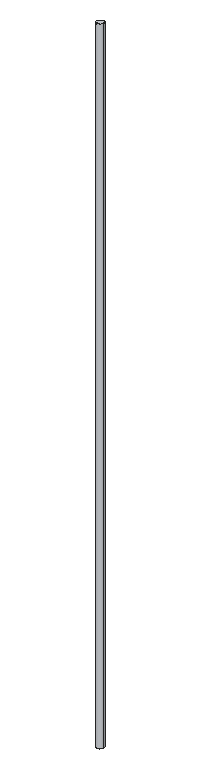
Revit family "0066750 Sylvania Lighting Fixture Skyline Street XL 17-30klm NW MR22 I 9022", category Lighting Fixtures, host Face, Revit 2016
Family settings
  Host = Face
  Part Type = Normal
  Round Connector Dimension = Use Diameter
  OmniClass Number = 23.80.70.00
  OmniClass Title = Lighting
  Cut with Voids When Loaded = No
  Light Source = Yes
  Shared = No
  Room Calculation Point = No
Parameters (values of type "0066750 SKS XL 17-30KLM NW MR22 I 9022")
  base height = 40 mm
  backplate diameter = 256 mm
  Weight = "n/a"
  Wattage Comments = ""
  Wattage = 9.2903 W
  WarrantyStartDate [instance] = "n/a"
  WarrantyGuarantorParts = "n/a"
  WarrantyDurationUnit = "n/a"
  WarrantyDurationParts = ""
  WarrantyDescription = "http://www.sylvania-lighting.com"
  built-in parameter 1150110 = 1 (stored number, unit not read)
  Voltage = 0 V
  URL = "0.98"
  TypeName = "Skyline Street XL 17-30klm NW MR22 I 9022"
  Type Image = <None>
  Type Comments = "n/a"
  Tube Diameter = 80 mm
  built-in parameter 1114217 = 1 (stored number, unit not read)
  Tilt Angle = 90.00°
  built-in parameter 1150109 = 1 (stored number, unit not read)
  built-in parameter 1150134 = 3
  built-in parameter 1150113 = 1 (stored number, unit not read)
  SerialNumber [instance] = "n/a"
  Photometric Web File = "0066750.ies"
  Material_3_FEILO = none
  PowerFactor = 0
  PowerConsumption = "Lighting"
  NominalLength = 415 mm
  NominalHeight = 0 mm
  NominalDepth = 0 mm
  Name = "Skyline Street XL 17-30klm NW MR22 I 9022"
  ModelReference = Name  # "Skyline Street XL 17-30klm NW MR22 I 9022"
  ModelNumber = "0066750"
  Model = Name  # "Skyline Street XL 17-30klm NW MR22 I 9022"
  Material = "Feilo Sylvania"
  ManufacturerName = "124 lm/W"
  Manufacturer = ""
  LuminousEfficacy = ""
  built-in parameter 1150105 = 109.82 (stored number, unit not read)
  Lumens = 1380 lm
  LuminaireType = "0"
  built-in parameter 1150115 = 1 (stored number, unit not read)
  LightOutputRatio = "LED"
  built-in parameter 1150137 = (empty or 0)
  built-in parameter 1150139 = (empty or 0)
  LampsType = Lamp  # "n/a"
  LampNominalLuminous = "4000 K"
  LampMacAdamStep = "70"
  LampColourTemperature = "LED"
  LampColourRenderingIndex = "16500"
  built-in parameter 1150112 = 1 (stored number, unit not read)
  built-in parameter 1150114 = 1 (stored number, unit not read)
  Lamp = "n/a"
  Keynote = "n/a"
  InstallationDate [instance] = "n/a"
  InputVoltage = "0"
  InputNominalFrequency = "4000"
  built-in parameter 1150132 = (empty or 0)
  built-in parameter 1150102 = (empty or 0)
  built-in parameter 1150107 = 3200 (stored number, unit not read)
  built-in parameter 1150138 = (empty or 0)
  IngressProtection = "IfcLightFixtureType"
  ImpactProtectionIndex = "IfcLightFixtureType"
  built-in parameter 1150106 = 1.0982 (stored number, unit not read)
  IfcExportType = "IfcLightFixtureType"
  IfcExportAs = "Class I"
  Height = 250 mm
  ExpectedLife = 50000
  Emit from Circle Diameter = 609.6 mm
  Emit Shape Visible in Rendering = no
  ElectricShockClassification = "124"
  built-in parameter 1150104 = 13.8 (stored number, unit not read)
  DurationUnit = "hours"
  DocumentationLiterature = "http://www.sylvania-lighting.com/product/en-int/products/0066750"
  DimmingControlOptions = "n/a"
  Material_2_FEILO = none
  Dimming Lamp Color Temperature Shift = <None>
  Diameter = 350 mm
  Description = "The Skyline Street family is dedicated for road lighting applications. Light distribution: MR22 - Medium Road, color temperature: 4000K , total system power: 244W, total fixture output: 30262lm, luminaire efficacy: 124lm/W, LOR: 100%, colour rendering index: 70, LED Chromaticity: 5 step MacAdam ellipse tolerance, lifetime: 100000 hours at L90B50 @ 50°C, energy class: A++, A+, A, operating voltage: 220-240V / 50-60Hz, electronic driver, Without Controls, power factor: min. 0.9, electrical protection: Class I, Ingress protection rating: IP66, Impact resistance: IK08, dimensions: 915 x 415 x 140mm, weight: 15 kg, for 42-60mm side entry or post top installation with +/-15° adjustability, the housing is made of Die Cast Aluminium in RAL9022 color combined with tempered flat glass cover."
  Default Elevation = 1219.2 mm
  CreatedOn = "02/12/2019"
  CreatedBy = "@sylvania-lighting.com"
  Cost = 0
  Color Filter = 16777215
  built-in parameter 1114216 [instance] = (empty or 0)
  ClassificationValue = "EF_70_80"
  ClassificationName = "Uniclass2015"
  Material_1_FEILO = none
  BarCode [instance] = "n/a"
  built-in parameter 1114218 = 1 (stored number, unit not read)
  built-in parameter 1150133 = 10 (stored number, unit not read)
  AssetType = "Fixed"
  AssetIdentifier [instance] = "n/a"
  Assembly Code = "D5020200"
  Apparent Load = 244 VA
  Material_4_FEILO = none
Reference planes
  plane 1 "Center (Front/Back)": y = 0
  plane 2: z = 0
  plane 3 "Center (Left/Right)": x = 0
  plane 4: z = 0
  plane 5: y = 128
  plane 6: y = -128
  plane 7: y = 175
  plane 8: y = -175
  plane 9: z = 40
Forms (mm)
  Extrusion 1, solid, detail levels coarse
    sketch origin (43.618, 0, 5999.295) x (1, 0, 0) y (0, 0, 1)
      loop
        line (-755, 240.919) -> (-755, 0.868) -> (39.922, 0.868) -> (39.922, 240.919) -> (-755, 240.919)
    from -207.534 to 207.466
  Extrusion 2, solid
    sketch origin (4.2, 0, 0) x (1, 0, 0) y (0, 1, 0)
      loop
        circle (-4.2, 0) r 30
    from 0 to 6000
Dimensions and locks
  "backplate diameter": plane 5 to plane 6
  equal spacing: plane 5, plane 1 "Center (Front/Back)", plane 6
  "Diameter": plane 7 to plane 8
  equal spacing: plane 7, plane 1 "Center (Front/Back)", plane 8
  "base height": plane 9 to level
  aligned and locked: plane 2 to host face
  aligned and locked: level to host face
Automatic sketch dimensions
  host sketch curve to host sketch curve = 2438.4 mm  (x2)
  level to Extrusion 1 sketch curve = 6000.163 mm
  Extrusion 1 sketch curve to plane 3 "Center (Left/Right)" = 711.382 mm
  plane 3 "Center (Left/Right)" to Extrusion 1 sketch curve = 83.54 mm
  plane 9 to Extrusion 1 sketch curve = 6200.213 mm
  plane 1 "Center (Front/Back)" to Extrusion 2 sketch curve = 0 mm
  Extrusion 2 sketch curve to plane 3 "Center (Left/Right)" = 0 mm
  radius of Extrusion 2 sketch curve = 30 mm
Connectors
  electrical at (0, 0, 0), driven by "Apparent Load", driven by "PowerFactor", driven by "Voltage"
    settings: index 1, voltage 0 V, apparent load 244 VA, apparent load phase1 0 VA, apparent load phase2 0 VA, apparent load phase3 0 VA, power factor 0, load classification "Lighting", number of poles 1, system type 30, power factor state 1, is connector primary yes, connector utility no, sub classification motor no, connector description ""
